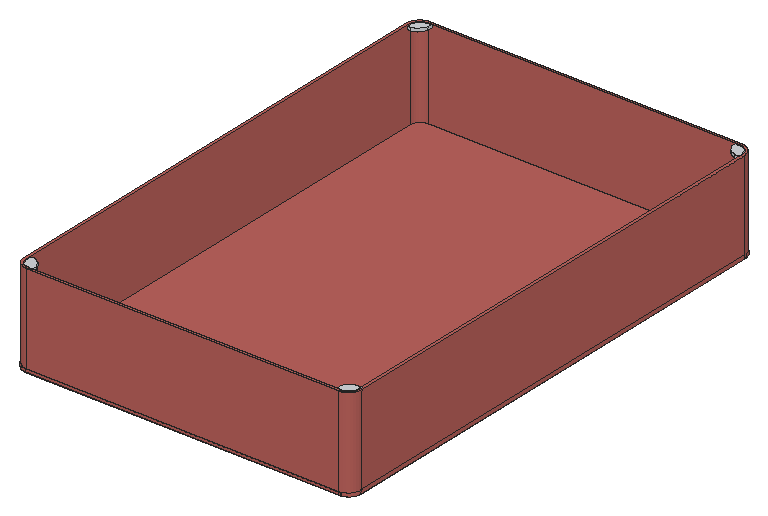
Revit family "Building-ElectricalVehicleCharging-GEWISS-JOINON-ICON_FLUSH-MOUNTING-BOX", category Apparecchi elettrici, host Superficie, Revit 2019
Family settings
  Host = Superficie
  Mantenere orientamento annotazione = Sì
  Quota connettore circolare = Usa diametro
  Tipo di parte = Normale
  Numero OmniClass = 23.80.30.14.24
  Titolo OmniClass = Junction Boxes
  Taglio con vuoti quando caricato = No
  Condiviso = No
  Punto di calcolo locali = Sì
Parameters (values of type "GWJ8101 - I-CON - FLUSH-MOUNTING BOX")
  Voltaggio = 0 V
  Version file RFA = "19.4"
  VISTA DI PIANTA [instance] = yes
  URL = "https://www.gewiss.com/ww/en"
  Technical sheet = "https://www.gewiss.com/ww/en/search?q=GWJ8101"
  Suitable for = "WallBox I-CON"
  SIMBOLO [instance] = yes
  Realized by GEWISS S.p.A. = ""
  Produttore = "GEWISS S.p.A."
  Modello = "GWJ8101"
  Immagine tipo = ICON_SCATOLA.jpg
  Tappo = GEWISS - BIANCO RAL 9016
  Scatola = ROSSO RAL 3000
  Default Elevation = 1219.2 mm
  Profondità = 75 mm
  Lunghezza = 273 mm
  Larghezza = 408 mm
  IDT = "52568c1f-1458-40a9-8f05-5bfcde2eb16d"
  IDF = "26342d6d-f6c6-4b16-880c-84c37078f428"
  Electrocod = "2242"
  EAN code = "8034035070815"
  Distanza orizzontale del simbolo [instance] = 329.446 mm
  Distanza dal muro [instance] = 4.208 mm
  Descrizione = "I-CON - FLUSH-MOUNTING BOX"
  Description: = "I-CON flush-mounting box"
  Classificazione = Other
  Catalogue = "E-MOBILITY"
  Carico apparente = 0 VA
  CORNICE SIMBOLO [instance] = yes
  COBie.Tagnumber = ""
  COBie.CreatedOn = ""
  COBie.CreatebBy = ""
  COBie.ComponentRegisterItemID = ""
  COBie.Component.TagNumber = ""
  COBie.Component.Space = ""
  COBie.Component.SerialNumber = ""
  COBie.Component.InstallationDate = ""
  COBie.Component.Description = ""
  COBie.Component.BarCode = ""
  Bordo = 4 mm
Reference planes
  plane 1 "Centro (Fronte/Retro)": y = 0
  plane 2: z = 0
  plane 3 "Centro (Sinistra/Destra)": x = 0
  plane 4: x = -136.5
  plane 5: y = -204
  plane 6: x = 136.5
  plane 7: y = 204
  plane 8: y = 201.823
  plane 9: x = 134.323
  plane 10: y = -201.823
  plane 11: x = -134.323
  plane 12: z = -75
  plane 13: y = 196
  plane 14: y = -196
  plane 15: x = -128.447
  plane 16: x = 128.447
  plane 17: x = -146.5
  plane 18: y = -214
  plane 19: x = 146.5
  plane 20: y = 214
  plane 21: z = 2
  plane 22: x = -329.446
  plane 23: z = -72.563
Forms (mm)
  Extrusion 1, void
    sketch origin (0, 0, 0) x (1, 0, 0) y (0, 1, 0)
      loop
        line (-136.5, 193.5) -> (-136.5, -193.5)
        arc (-136.5, -193.5) -> (-133.425, -200.925) -> (-126, -204) r 10.5
        line (-126, -204) -> (126, -204)
        arc (126, -204) -> (133.425, -200.925) -> (136.5, -193.5) r 10.5
        line (136.5, -193.5) -> (136.5, 193.5)
        arc (136.5, 193.5) -> (133.425, 200.925) -> (126, 204) r 10.5
        line (126, 204) -> (-126, 204)
        arc (-126, 204) -> (-133.425, 200.925) -> (-136.5, 193.5) r 10.5
    from -75 to 0
  Extrusion 2, solid, material "ROSSO RAL 3000" <- "Scatola"
    sketch origin (0, 0, 0) x (1, 0, 0) y (0, 1, 0)
      loop
        arc (-126, 204) -> (-133.425, 200.925) -> (-136.5, 193.5) r 10.5
        line (-136.5, 193.5) -> (-136.5, -193.5)
        arc (-136.5, -193.5) -> (-133.425, -200.925) -> (-126, -204) r 10.5
        line (-126, -204) -> (126, -204)
        arc (126, -204) -> (133.425, -200.925) -> (136.5, -193.5) r 10.5
        line (136.5, -193.5) -> (136.5, 193.5)
        arc (136.5, 193.5) -> (133.425, 200.925) -> (126, 204) r 10.5
        line (126, 204) -> (-126, 204)
      loop
        arc (-126, 201.823) -> (-131.886, 199.386) -> (-134.323, 193.5) r 8.323
        line (-134.323, 193.5) -> (-134.323, -193.5)
        arc (-134.323, -193.5) -> (-131.886, -199.386) -> (-126, -201.823) r 8.323
        line (-126, -201.823) -> (126, -201.823)
        arc (126, -201.823) -> (131.886, -199.386) -> (134.323, -193.5) r 8.323
        line (134.323, -193.5) -> (134.323, 193.5)
        arc (134.323, 193.5) -> (131.886, 199.386) -> (126, 201.823) r 8.323
        line (126, 201.823) -> (-126, 201.823)
    from -75 to 0
  Extrusion 3, solid
    sketch origin (0, 0, 0) x (1, 0, 0) y (0, 1, 0)
      loop
        line (-134.323, 190.384) -> (-131.092, 190.384)
        arc (-131.092, 190.384) -> (-126.164, 193.157) -> (-123.096, 197.907) r 11.782
        line (-123.096, 197.907) -> (-123.096, 201.823) -> (-126, 201.823)
        arc (-126, 201.823) -> (-131.886, 199.386) -> (-134.323, 193.5) r 8.323
        line (-134.323, 193.5) -> (-134.323, 190.384)
      loop
        line (134.323, 190.384) -> (134.323, 193.5)
        arc (134.323, 193.5) -> (131.886, 199.386) -> (126, 201.823) r 8.323
        line (126, 201.823) -> (123.096, 201.823) -> (123.096, 197.907)
        arc (123.096, 197.907) -> (126.164, 193.157) -> (131.092, 190.384) r 11.782
        line (131.092, 190.384) -> (134.323, 190.384)
      loop
        line (-134.323, -190.384) -> (-134.323, -193.5)
        arc (-134.323, -193.5) -> (-131.886, -199.386) -> (-126, -201.823) r 8.323
        line (-126, -201.823) -> (-123.096, -201.823) -> (-123.096, -197.907)
        arc (-123.096, -197.907) -> (-126.164, -193.157) -> (-131.092, -190.384) r 11.782
        line (-131.092, -190.384) -> (-134.323, -190.384)
      loop
        line (134.323, -190.384) -> (131.092, -190.384)
        arc (131.092, -190.384) -> (126.164, -193.157) -> (123.096, -197.907) r 11.782
        line (123.096, -197.907) -> (123.096, -201.823) -> (126, -201.823)
        arc (126, -201.823) -> (131.886, -199.386) -> (134.323, -193.5) r 8.323
        line (134.323, -193.5) -> (134.323, -190.384)
    from -2.208 to 0
  Extrusion 4, void
    sketch origin (0, 0, 0) x (1, 0, 0) y (0, 1, 0)
      loop
        circle (-128.447, 196) r 2.408
      loop
        circle (128.447, 196) r 2.408
      loop
        circle (-128.447, -196) r 2.408
      loop
        circle (128.447, -196) r 2.408
    from -2.208 to 2
  Extrusion 5, solid, material "ROSSO RAL 3000" <- "Scatola"
    sketch origin (0, 0, 0) x (1, 0, 0) y (0, 1, 0)
      loop
        line (126.5, 204) -> (-126.5, 204)
        arc (-126.5, 204) -> (-133.571, 201.071) -> (-136.5, 194) r 10
        line (-136.5, 194) -> (-136.5, -194)
        arc (-136.5, -194) -> (-133.571, -201.071) -> (-126.5, -204) r 10
        line (-126.5, -204) -> (126.5, -204)
        arc (126.5, -204) -> (133.571, -201.071) -> (136.5, -194) r 10
        line (136.5, -194) -> (136.5, 194)
        arc (136.5, 194) -> (133.571, 201.071) -> (126.5, 204) r 10
    from -75 to -72.563
Lines and regions (mm)
  Masking region 1, visible <- "VISTA DI PIANTA"
    outline origin (0, 0, 0) x (1, 0, 0) y (0, 0, 1)
      loop
        line (-136.5, -75) -> (136.5, -75) -> (136.5, 0) -> (-136.5, 0) -> (-136.5, -75)
  Masking region 2, visible <- "VISTA DI PIANTA"
    outline origin (0, 0, 0) x (1, 0, 0) y (0, 0, 1)
      loop
        line (-146.5, 0) -> (146.5, 0) -> (146.5, 2) -> (-146.5, 2) -> (-146.5, 0)
  Masking region 3
    outline origin (0, 0, 0) x (0, 1, 0) y (0, 0, 1)
      loop
        line (-204, -75) -> (204, -75) -> (204, 0) -> (-204, 0) -> (-204, -75)
  Masking region 4
    outline origin (0, 0, 0) x (0, 1, 0) y (0, 0, 1)
      loop
        line (-214, 0) -> (214, 0) -> (214, 2) -> (-214, 2) -> (-214, 0)
Dimensions and locks
  equal spacing: plane 7, plane 1 "Centro (Fronte/Retro)", plane 5
  equal spacing: plane 4, plane 3 "Centro (Sinistra/Destra)", plane 6
  "Lunghezza": plane 4 to plane 6
  "Larghezza": plane 7 to plane 5
  plane 4 to plane 11 = 2.177 mm  (x2)
  plane 9 to plane 6 = 2.177 mm  (x2)
  plane 10 to plane 5 = 2.177 mm
  plane 7 to plane 8 = 2.177 mm
  "Profondità": plane 2 to plane 12
  locked: plane 11 to plane 15 at 5.876
  locked: plane 7 to plane 13 at 8
  locked: plane 14 to plane 5 at 8
  locked: plane 16 to plane 6 at 8.053
  locked: plane 2 to Extrusion 3 at 2.208
  locked: plane 20 to plane 7 at 10
  locked: plane 17 to plane 4 at 10
  locked: plane 5 to plane 18 at 10
  locked: plane 6 to plane 19 at 10
  plane 21 to plane 2 = 2 mm
  "Distanza orizzontale del simbolo": plane 22 to plane 3 "Centro (Sinistra/Destra)"
  aligned and locked: plane 2 to host face
  aligned and locked: level to host face
  aligned and locked: Extrusion 1 sketch curve to plane 4
  aligned and locked: Extrusion 1 sketch curve to plane 7
  aligned and locked: Extrusion 1 sketch curve to plane 6
  aligned and locked: Extrusion 1 sketch curve to plane 5
  aligned and locked: Extrusion 1 to plane 12
  aligned and locked: plane 2 to Extrusion 1
  aligned and locked: Extrusion 2 sketch curve to plane 4
  aligned and locked: Extrusion 2 sketch curve to plane 11
  aligned and locked: Extrusion 2 sketch curve to plane 10
  aligned and locked: Extrusion 2 sketch curve to plane 5
  aligned and locked: Extrusion 2 sketch curve to plane 6
  aligned and locked: Extrusion 2 sketch curve to plane 9
  aligned and locked: Extrusion 2 sketch curve to plane 8
  aligned and locked: Extrusion 2 sketch curve to plane 7
  aligned and locked: Extrusion 2 to plane 12
  aligned and locked: plane 2 to Extrusion 2
  aligned and locked: plane 11 to Extrusion 3 sketch curve  (x2)
  aligned and locked: Extrusion 3 sketch curve to plane 8  (x2)
  aligned and locked: Extrusion 3 sketch curve to plane 10  (x2)
  aligned and locked: plane 9 to Extrusion 3 sketch curve  (x2)
  aligned and locked: plane 2 to Extrusion 3
  aligned and locked: plane 15 to Extrusion 4 sketch curve
  aligned and locked: plane 13 to Extrusion 4 sketch curve
  aligned and locked: Extrusion 4 sketch curve to plane 16
  aligned and locked: Extrusion 4 sketch curve to plane 13
  aligned and locked: plane 14 to Extrusion 4 sketch curve
  aligned and locked: plane 16 to Extrusion 4 sketch curve
  aligned and locked: Extrusion 4 sketch curve to plane 15
  aligned and locked: Extrusion 4 sketch curve to plane 14
  aligned and locked: Extrusion 3 to Extrusion 4
  aligned and locked: plane 21 to Extrusion 4
  aligned and locked: Masking region 1 sketch curve to Extrusion 2  (x4)
  aligned and locked: Masking region 3 sketch curve to Extrusion 2  (x4)
  aligned and locked: plane 3 "Centro (Sinistra/Destra)" to nested 1
  aligned and locked: plane 1 "Centro (Fronte/Retro)" to nested 1
  aligned and locked: Extrusion 5 sketch curve to nested 1  (x4)
  aligned and locked: Extrusion 5 to plane 12
  aligned and locked: plane 23 to Extrusion 5
Automatic sketch dimensions
  host sketch curve to host sketch curve = 2438.4 mm  (x2)
  Extrusion 1 sketch curve to Extrusion 1 sketch curve = 0 mm  (x3)
  plane 11 to Extrusion 1 sketch curve = 8.323 mm
  Extrusion 2 sketch curve to Extrusion 2 sketch curve = 0 mm  (x13)
  Extrusion 2 sketch curve to plane 9 = 0 mm
  plane 10 to Extrusion 2 sketch curve = 0 mm
  plane 5 to Extrusion 2 sketch curve = 10.5 mm  (x2)
  Extrusion 2 sketch curve to plane 7 = 10.5 mm  (x2)
  plane 4 to Extrusion 2 sketch curve = 10.5 mm
  plane 11 to Extrusion 2 sketch curve = 8.323 mm
  Extrusion 2 sketch curve to plane 6 = 10.5 mm
  plane 11 to Extrusion 2 sketch curve = 0 mm  (x2)
  plane 11 to Extrusion 3 sketch curve = 0.085 mm  (x2)
  Extrusion 3 sketch curve to plane 15 = 2.645 mm  (x2)
  plane 15 to Extrusion 3 sketch curve = 2.447 mm  (x2)
  Extrusion 3 sketch curve to Extrusion 3 sketch curve = 2.904 mm  (x2)
  plane 16 to Extrusion 3 sketch curve = 5.351 mm  (x2)
  plane 16 to Extrusion 3 sketch curve = 2.447 mm  (x2)
  Extrusion 3 sketch curve to plane 16 = 2.645 mm  (x2)
  Extrusion 3 sketch curve to plane 9 = 0.085 mm  (x2)
  plane 10 to Extrusion 3 sketch curve = 0.085 mm  (x2)
  plane 14 to Extrusion 3 sketch curve = 1.907 mm  (x2)
  Extrusion 3 sketch curve to plane 14 = 2.5 mm  (x2)
  Extrusion 3 sketch curve to plane 13 = 5.616 mm  (x2)
  Extrusion 3 sketch curve to plane 13 = 2.5 mm  (x2)
  plane 13 to Extrusion 3 sketch curve = 1.907 mm  (x2)
  plane 11 to Extrusion 3 sketch curve = 0 mm
  Extrusion 3 sketch curve to Extrusion 3 sketch curve = 0 mm  (x11)
  Masking region 2 sketch curve to plane 17 = 0 mm
  plane 19 to Masking region 2 sketch curve = 0 mm
  Masking region 2 sketch curve to level = 0 mm
  Masking region 2 sketch curve to plane 21 = 0 mm
  Masking region 4 sketch curve to plane 18 = 0 mm
  Masking region 4 sketch curve to plane 20 = 0 mm
  Masking region 4 sketch curve to level = 0 mm
  Masking region 4 sketch curve to plane 21 = 0 mm
  Extrusion 5 sketch curve to Extrusion 5 sketch curve = 0 mm
  radius of Extrusion 4 sketch curve = 2.408 mm  (x4)
Nested families
  nested 1: "2D - 48PTDIN CASSETTE DERIVAZIONE INCASSO" at (0, 0, 0), Larghezza <- "Larghezza", Lunghezza <- "Lunghezza", type "BIDIMENSIONALE"
    with Lunghezza 273 mm, Larghezza 408 mm
Connectors
  electrical at (0, 0, -75), driven by "Voltaggio", driven by "Classificazione", driven by "Carico apparente"
    settings: on host face, index 1, voltage 0 V, apparent load 0 VA, apparent load phase1 0 VA, apparent load phase2 0 VA, apparent load phase3 0 VA, power factor 1, load classification "Other", number of poles 1, system type 31, power factor state 1, is connector primary yes, connector utility no, sub classification motor no, connector description ""
Definition of nested family "2D - 48PTDIN CASSETTE DERIVAZIONE INCASSO"
  Parameters (values of type "BIDIMENSIONALE")
    Lunghezza [instance] = 240 mm
    Larghezza [instance] = 200 mm
  Reference planes
    plane 1 "Centro (Fronte/Retro)": y = 0
    plane 2: z = 0
    plane 3 "Centro (Sinistra/Destra)": x = 0
    plane 4: x = -120
    plane 5: x = 120
    plane 6: y = 100
    plane 7: y = -100
  Lines and regions (mm)
    detail lines, in view "Livello rif.", not visible
      curve 1: arc (-58.896, -2.752, 0) -> (-58.521, -2.777, 0) -> (-58.147, -2.752, 0) r 2.777
      curve 2: line (-58.896, 2.752, 0) -> (-58.896, 0.471, 0)
      curve 3: line (-58.896, 0.471, 0) -> (-60.229, 0.471, 0)
      curve 4: line (-60.229, 0.471, 0) -> (-60.229, -0.471, 0)
      curve 5: line (-58.147, 2.752, 0) -> (-58.147, 0.471, 0)
      curve 6: line (-58.147, 0.471, 0) -> (-56.814, 0.471, 0)
      curve 7: line (-58.147, -2.752, 0) -> (-58.147, -0.471, 0)
      curve 8: line (-58.147, -0.471, 0) -> (-56.814, -0.471, 0)
      curve 9: line (-58.896, -2.752, 0) -> (-58.896, -0.471, 0)
      curve 10: line (-58.896, -0.471, 0) -> (-60.229, -0.471, 0)
      curve 11: line (-56.814, 0.471, 0) -> (-56.814, -0.471, 0)
      curve 12: arc (-58.147, -2.752, 0) -> (-55.744, 0, 0) -> (-58.147, 2.752, 0) r 2.777
      curve 13: arc (-58.896, 2.752, 0) -> (-61.298, 0, 0) -> (-58.896, -2.752, 0) r 2.777
      curve 14: arc (-58.147, 2.752, 0) -> (-58.521, 2.777, 0) -> (-58.896, 2.752, 0) r 2.777
      curve 15: line (-52.546, 11.442, 0) -> (-49.625, 8.458, 0)
      curve 16: line (-50.324, 7.759, 0) -> (-52.991, 10.426, 0)
      curve 17: line (-52.991, 10.426, 0) -> (-52.546, 11.442, 0)
      curve 18: line (-37.306, 8.14, 0) -> (-36.607, 7.441, 0)
      curve 19: arc (-49.625, 8.458, 0) -> (-43.53, 5.801, 0) -> (-37.306, 8.14, 0) r 8.848
      curve 20: arc (-50.324, 7.759, 0) -> (-43.53, 4.813, 0) -> (-36.607, 7.441, 0) r 9.835
      curve 21: line (-39.92, 24.089, 0) -> (-36.936, 21.168, 0)
      curve 22: line (-36.237, 21.867, 0) -> (-38.904, 24.534, 0)
      curve 23: line (-38.904, 24.534, 0) -> (-39.92, 24.089, 0)
      curve 24: line (-36.618, 8.849, 0) -> (-35.919, 8.15, 0)
      curve 25: arc (-36.936, 21.168, 0) -> (-34.28, 15.073, 0) -> (-36.618, 8.849, 0) r 8.848
      curve 26: arc (-36.237, 21.867, 0) -> (-33.292, 15.073, 0) -> (-35.919, 8.15, 0) r 9.835
      curve 411: arc (-88, -219.002, 0) -> (-95.071, -221.931, 0) -> (-98, -229.002, 0) r 10
      curve 412: arc (98, -229.002, 0) -> (95.071, -221.931, 0) -> (88, -219.002, 0) r 10
      curve 413: arc (88, -371.002, 0) -> (95.071, -368.073, 0) -> (98, -361.002, 0) r 10
      curve 414: arc (-98, -361.002, 0) -> (-95.071, -368.073, 0) -> (-88, -371.002, 0) r 10
      curve 415: arc (86.883, -363.908, 0) -> (86.878, -366.121, 0) -> (89.09, -366.122, 0) r 1.563
      curve 416: arc (93.118, -362.095, 0) -> (93.122, -359.883, 0) -> (90.91, -359.881, 0) r 1.563
      curve 417: arc (-90.907, -359.884, 0) -> (-93.119, -359.88, 0) -> (-93.12, -362.092, 0) r 1.563
      curve 418: arc (-89.093, -366.119, 0) -> (-86.881, -366.124, 0) -> (-86.88, -363.912, 0) r 1.563
      curve 419: arc (90.907, -230.119, 0) -> (93.117, -230.125, 0) -> (93.123, -227.915, 0) r 1.563
      curve 420: arc (89.093, -223.884, 0) -> (86.883, -223.878, 0) -> (86.876, -226.088, 0) r 1.563
      curve 421: arc (-86.88, -226.092, 0) -> (-86.882, -223.878, 0) -> (-89.095, -223.886, 0) r 1.563
      curve 422: arc (-93.12, -227.912, 0) -> (-93.118, -230.125, 0) -> (-90.905, -230.117, 0) r 1.563
      curve 423: arc (87.998, -368.627, 0) -> (93.394, -366.392, 0) -> (95.629, -360.996, 0) r 7.631
      curve 424: arc (-95.624, -361.003, 0) -> (-93.392, -366.394, 0) -> (-88.001, -368.627, 0) r 7.624
      curve 425: arc (95.629, -228.995, 0) -> (93.396, -223.606, 0) -> (88.007, -221.373, 0) r 7.622
      curve 426: arc (-87.994, -221.373, 0) -> (-93.39, -223.608, 0) -> (-95.624, -229.004, 0) r 7.63
      curve 427: arc (90.462, -358.039, 0) -> (87.315, -360.317, 0) -> (85.037, -363.463, 0) r 12.282
      curve 428: arc (94.229, -357.078, 0) -> (93.406, -357.124, 0) -> (92.588, -357.226, 0) r 12.113
      curve 429: arc (84.225, -365.59, 0) -> (84.122, -366.409, 0) -> (84.076, -367.234, 0) r 12.113
      curve 430: arc (-85.037, -363.463, 0) -> (-87.315, -360.317, 0) -> (-90.462, -358.039, 0) r 12.282
      curve 431: arc (-92.588, -357.226, 0) -> (-93.406, -357.124, 0) -> (-94.229, -357.078, 0) r 12.113
      curve 432: arc (-84.076, -367.235, 0) -> (-84.122, -366.41, 0) -> (-84.225, -365.59, 0) r 12.113
      curve 433: arc (85.037, -226.54, 0) -> (87.315, -229.686, 0) -> (90.462, -231.964, 0) r 12.282
      curve 434: arc (92.588, -232.777, 0) -> (93.406, -232.879, 0) -> (94.229, -232.925, 0) r 12.113
      curve 435: arc (84.076, -222.769, 0) -> (84.122, -223.594, 0) -> (84.225, -224.414, 0) r 12.113
      curve 436: arc (-90.462, -231.964, 0) -> (-87.315, -229.686, 0) -> (-85.037, -226.54, 0) r 12.282
      curve 437: arc (-94.229, -232.925, 0) -> (-93.406, -232.879, 0) -> (-92.588, -232.777, 0) r 12.113
      curve 438: arc (-84.225, -224.413, 0) -> (-84.122, -223.594, 0) -> (-84.076, -222.769, 0) r 12.113
      curve 439: arc (84.425, -364.963, 0) -> (84.32, -365.275, 0) -> (84.225, -365.59, 0) r 12.26
      curve 440: arc (84.225, -224.414, 0) -> (84.32, -224.728, 0) -> (84.425, -225.04, 0) r 12.26
      curve 441: arc (-84.225, -365.59, 0) -> (-84.32, -365.275, 0) -> (-84.425, -364.963, 0) r 12.26
      curve 442: arc (-84.425, -225.04, 0) -> (-84.32, -224.728, 0) -> (-84.225, -224.413, 0) r 12.26
      curve 443: arc (84.076, -367.234, 0) -> (84.003, -367.833, 0) -> (83.959, -368.434, 0) r 12.054
      curve 444: arc (-83.959, -368.434, 0) -> (-84.003, -367.833, 0) -> (-84.076, -367.235, 0) r 12.054
      curve 445: arc (94.229, -232.925, 0) -> (94.828, -232.999, 0) -> (95.43, -233.043, 0) r 12.055
      curve 446: arc (91.962, -232.577, 0) -> (92.274, -232.681, 0) -> (92.588, -232.777, 0) r 12.26
      curve 447: arc (92.588, -357.226, 0) -> (92.274, -357.322, 0) -> (91.962, -357.426, 0) r 12.26
      curve 448: arc (95.43, -356.961, 0) -> (94.828, -357.004, 0) -> (94.229, -357.078, 0) r 12.055
      curve 449: arc (-95.43, -233.043, 0) -> (-94.828, -232.999, 0) -> (-94.229, -232.925, 0) r 12.055
      curve 450: arc (-91.962, -357.426, 0) -> (-92.274, -357.322, 0) -> (-92.588, -357.226, 0) r 12.26
      curve 451: arc (-92.588, -232.777, 0) -> (-92.274, -232.681, 0) -> (-91.962, -232.577, 0) r 12.26
      curve 452: arc (-94.229, -357.078, 0) -> (-94.828, -357.004, 0) -> (-95.43, -356.961, 0) r 12.055
      curve 453: arc (83.959, -221.569, 0) -> (84.003, -222.171, 0) -> (84.076, -222.769, 0) r 12.054
      curve 454: arc (-84.076, -222.769, 0) -> (-84.003, -222.171, 0) -> (-83.959, -221.569, 0) r 12.054
      curve 455: line (87.5, -241.002, 0) -> (87.5, -249.624, 0)
      curve 456: line (-98, -361.002, 0) -> (-98, -229.002, 0)
      curve 457: line (-88, -219.002, 0) -> (88, -219.002, 0)
      curve 458: line (89.09, -366.122, 0) -> (93.118, -362.095, 0)
      curve 459: line (86.883, -363.908, 0) -> (90.91, -359.881, 0)
      curve 542: line (-86.88, -363.912, 0) -> (-90.907, -359.884, 0)
      curve 543: line (-89.093, -366.119, 0) -> (-93.12, -362.092, 0)
      curve 544: line (86.876, -226.088, 0) -> (90.907, -230.119, 0)
      curve 545: line (89.093, -223.884, 0) -> (93.123, -227.915, 0)
      curve 546: line (-89.095, -223.886, 0) -> (-93.12, -227.912, 0)
      curve 547: line (-86.88, -226.092, 0) -> (-90.905, -230.117, 0)
      curve 548: line (95.629, -360.996, 0) -> (95.629, -228.995, 0)
      curve 549: line (88.007, -221.373, 0) -> (-87.994, -221.373, 0)
      curve 550: line (-95.624, -361.003, 0) -> (-95.624, -229.004, 0)
      curve 551: line (87.998, -368.627, 0) -> (-88.001, -368.627, 0)
      curve 552: line (23.15, -226.54, 0) -> (62.05, -226.54, 0)
      curve 553: line (90.462, -255.352, 0) -> (90.462, -294.252, 0)
      curve 554: line (90.462, -295.752, 0) -> (90.462, -334.652, 0)
      curve 555: line (23.15, -363.463, 0) -> (62.05, -363.463, 0)
      curve 556: line (-62.05, -363.463, 0) -> (-23.15, -363.463, 0)
      curve 557: line (-90.462, -295.752, 0) -> (-90.462, -334.652, 0)
      curve 558: line (-90.462, -255.352, 0) -> (-90.462, -294.252, 0)
      curve 559: line (-62.05, -226.54, 0) -> (-23.15, -226.54, 0)
      curve 560: line (90.462, -336.152, 0) -> (90.462, -358.039, 0)
      curve 561: line (90.462, -358.039, 0) -> (90.959, -357.802, 0)
      curve 562: line (90.959, -357.802, 0) -> (90.462, -358.039, 0)
      curve 563: line (63.55, -363.463, 0) -> (85.037, -363.463, 0)
      curve 564: line (85.037, -363.463, 0) -> (84.8, -363.96, 0)
      curve 565: line (84.8, -363.96, 0) -> (85.037, -363.463, 0)
      curve 566: line (-85.037, -363.463, 0) -> (-84.8, -363.96, 0)
      curve 567: line (-84.8, -363.96, 0) -> (-85.037, -363.463, 0)
      curve 568: line (-85.037, -363.463, 0) -> (-63.55, -363.463, 0)
      curve 569: line (-90.462, -336.152, 0) -> (-90.462, -358.039, 0)
      curve 570: line (-90.462, -358.039, 0) -> (-90.959, -357.802, 0)
      curve 571: line (-90.959, -357.802, 0) -> (-90.462, -358.039, 0)
      curve 572: line (63.55, -226.54, 0) -> (85.037, -226.54, 0)
      curve 573: line (85.037, -226.54, 0) -> (84.8, -226.043, 0)
      curve 574: line (84.8, -226.043, 0) -> (85.037, -226.54, 0)
      curve 575: line (90.462, -231.964, 0) -> (90.959, -232.201, 0)
      curve 576: line (90.959, -232.201, 0) -> (90.462, -231.964, 0)
      curve 577: line (90.462, -231.964, 0) -> (90.462, -253.852, 0)
      curve 578: line (-90.462, -231.964, 0) -> (-90.959, -232.201, 0)
      curve 579: line (-90.959, -232.201, 0) -> (-90.462, -231.964, 0)
      curve 580: line (-90.462, -231.964, 0) -> (-90.462, -253.852, 0)
      curve 581: line (-85.037, -226.54, 0) -> (-84.8, -226.043, 0)
      curve 582: line (-84.8, -226.043, 0) -> (-85.037, -226.54, 0)
      curve 583: line (-85.037, -226.54, 0) -> (-63.55, -226.54, 0)
      curve 584: line (1.2, -363.463, 0) -> (21.65, -363.463, 0)
      curve 585: line (1.2, -226.54, 0) -> (21.65, -226.54, 0)
      curve 586: line (-21.65, -363.463, 0) -> (-1.2, -363.463, 0)
      curve 587: line (-21.65, -226.54, 0) -> (-1.2, -226.54, 0)
      curve 588: line (84.408, -225.042, 0) -> (84.476, -225.241, 0)
      curve 589: line (84.476, -225.241, 0) -> (84.41, -225.048, 0)
      curve 590: line (84.476, -225.241, 0) -> (84.8, -226.043, 0)
      curve 591: line (84.8, -226.043, 0) -> (84.476, -225.241, 0)
      curve 592: line (1.2, -230.002, 0) -> (11.368, -230.002, 0)
      curve 593: line (11.368, -230.002, 0) -> (21.65, -230.002, 0)
      curve 594: line (21.65, -230.002, 0) -> (21.65, -225.07, 0)
      curve 595: line (21.65, -225.07, 0) -> (23.15, -225.07, 0)
      curve 596: line (23.15, -225.07, 0) -> (23.15, -230.002, 0)
      curve 597: line (23.15, -230.002, 0) -> (62.05, -230.002, 0)
      curve 598: line (62.05, -230.002, 0) -> (62.05, -225.07, 0)
      curve 599: line (62.05, -225.07, 0) -> (63.55, -225.07, 0)
      curve 600: line (63.55, -225.07, 0) -> (63.55, -230.002, 0)
      curve 601: line (63.55, -230.002, 0) -> (77.5, -230.002, 0)
      curve 602: line (77.5, -230.002, 0) -> (87.5, -240.002, 0)
      curve 603: line (87.5, -240.002, 0) -> (87.5, -253.852, 0)
      curve 604: line (87.5, -253.852, 0) -> (91.932, -253.852, 0)
      curve 605: line (91.932, -253.852, 0) -> (91.932, -255.352, 0)
      curve 606: line (91.932, -255.352, 0) -> (87.5, -255.352, 0)
      curve 607: line (87.5, -255.352, 0) -> (87.5, -294.252, 0)
      curve 608: line (87.5, -294.252, 0) -> (91.932, -294.252, 0)
      curve 609: line (91.932, -294.252, 0) -> (91.932, -295.002, 0)
      curve 610: line (91.932, -295.002, 0) -> (91.932, -295.752, 0)
      curve 611: line (91.932, -295.752, 0) -> (87.5, -295.752, 0)
      curve 612: line (87.5, -295.752, 0) -> (87.5, -334.652, 0)
      curve 613: line (87.5, -334.652, 0) -> (91.932, -334.652, 0)
      curve 614: line (91.932, -334.652, 0) -> (91.932, -336.152, 0)
      curve 615: line (91.932, -336.152, 0) -> (87.5, -336.152, 0)
      curve 616: line (87.5, -336.152, 0) -> (87.5, -350.002, 0)
      curve 617: line (87.5, -350.002, 0) -> (77.5, -360.002, 0)
      curve 618: line (77.5, -360.002, 0) -> (63.55, -360.002, 0)
      curve 619: line (63.55, -360.002, 0) -> (63.55, -364.933, 0)
      curve 620: line (91.959, -232.594, 0) -> (91.76, -232.525, 0)
      curve 621: line (91.76, -232.525, 0) -> (91.954, -232.592, 0)
      curve 622: line (91.76, -232.525, 0) -> (90.959, -232.201, 0)
      curve 623: line (90.959, -232.201, 0) -> (91.76, -232.525, 0)
      curve 624: line (91.959, -357.41, 0) -> (91.76, -357.478, 0)
      curve 625: line (91.76, -357.478, 0) -> (91.954, -357.411, 0)
      curve 626: line (91.76, -357.478, 0) -> (90.959, -357.802, 0)
      curve 627: line (90.959, -357.802, 0) -> (91.76, -357.478, 0)
      curve 628: line (1.2, -360.002, 0) -> (11.368, -360.002, 0)
      curve 629: line (11.368, -360.002, 0) -> (21.65, -360.002, 0)
      curve 630: line (21.65, -360.002, 0) -> (21.65, -364.933, 0)
      curve 631: line (21.65, -364.933, 0) -> (23.15, -364.933, 0)
      curve 632: line (23.15, -364.933, 0) -> (23.15, -360.002, 0)
      curve 633: line (23.15, -360.002, 0) -> (62.05, -360.002, 0)
      curve 634: line (62.05, -360.002, 0) -> (62.05, -364.933, 0)
      curve 635: line (62.05, -364.933, 0) -> (63.55, -364.933, 0)
      curve 636: line (84.408, -364.961, 0) -> (84.476, -364.762, 0)
      curve 637: line (84.476, -364.762, 0) -> (84.41, -364.955, 0)
      curve 638: line (84.476, -364.762, 0) -> (84.8, -363.96, 0)
      curve 639: line (84.8, -363.96, 0) -> (84.476, -364.762, 0)
      curve 640: line (-1.2, -360.002, 0) -> (-11.368, -360.002, 0)
      curve 641: line (-11.368, -360.002, 0) -> (-21.65, -360.002, 0)
      curve 642: line (-21.65, -360.002, 0) -> (-21.65, -364.933, 0)
      curve 643: line (-21.65, -364.933, 0) -> (-23.15, -364.933, 0)
      curve 644: line (-23.15, -364.933, 0) -> (-23.15, -360.002, 0)
      curve 645: line (-23.15, -360.002, 0) -> (-62.05, -360.002, 0)
      curve 646: line (-62.05, -360.002, 0) -> (-62.05, -364.933, 0)
      curve 647: line (-62.05, -364.933, 0) -> (-63.55, -364.933, 0)
      curve 648: line (-63.55, -364.933, 0) -> (-63.55, -360.002, 0)
      curve 649: line (-63.55, -360.002, 0) -> (-77.5, -360.002, 0)
      curve 650: line (-77.5, -360.002, 0) -> (-87.5, -350.002, 0)
      curve 651: line (-87.5, -350.002, 0) -> (-87.5, -336.152, 0)
      curve 652: line (-87.5, -336.152, 0) -> (-91.932, -336.152, 0)
      curve 653: line (-84.41, -364.955, 0) -> (-84.476, -364.762, 0)
      curve 654: line (-84.476, -364.762, 0) -> (-84.408, -364.961, 0)
      curve 655: line (-84.476, -364.762, 0) -> (-84.8, -363.96, 0)
      curve 656: line (-84.8, -363.96, 0) -> (-84.476, -364.762, 0)
      curve 657: line (-91.932, -336.152, 0) -> (-91.932, -334.652, 0)
      curve 658: line (-91.932, -334.652, 0) -> (-87.5, -334.652, 0)
      curve 659: line (-87.5, -334.652, 0) -> (-87.5, -295.752, 0)
      curve 660: line (-87.5, -295.752, 0) -> (-91.932, -295.752, 0)
      curve 661: line (-91.959, -357.41, 0) -> (-91.76, -357.478, 0)
      curve 662: line (-91.76, -357.478, 0) -> (-91.954, -357.411, 0)
      curve 663: line (-91.76, -357.478, 0) -> (-90.959, -357.802, 0)
      curve 664: line (-90.959, -357.802, 0) -> (-91.76, -357.478, 0)
      curve 665: line (-91.959, -232.594, 0) -> (-91.76, -232.525, 0)
      curve 666: line (-91.76, -232.525, 0) -> (-91.954, -232.592, 0)
      curve 667: line (-91.76, -232.525, 0) -> (-90.959, -232.201, 0)
      curve 668: line (-90.959, -232.201, 0) -> (-91.76, -232.525, 0)
      curve 669: line (-91.932, -295.752, 0) -> (-91.932, -295.002, 0)
      curve 670: line (-91.932, -295.002, 0) -> (-91.932, -294.252, 0)
      curve 671: line (-91.932, -294.252, 0) -> (-87.5, -294.252, 0)
      curve 672: line (-87.5, -294.252, 0) -> (-87.5, -255.352, 0)
      curve 673: line (-87.5, -255.352, 0) -> (-91.932, -255.352, 0)
      curve 674: line (-91.932, -255.352, 0) -> (-91.932, -253.852, 0)
      curve 675: line (-91.932, -253.852, 0) -> (-87.5, -253.852, 0)
      curve 676: line (-87.5, -253.852, 0) -> (-87.5, -240.002, 0)
      curve 677: line (-87.5, -240.002, 0) -> (-77.5, -230.002, 0)
      curve 678: line (-77.5, -230.002, 0) -> (-63.55, -230.002, 0)
      curve 679: line (-63.55, -230.002, 0) -> (-63.55, -225.07, 0)
      curve 680: line (-63.55, -225.07, 0) -> (-62.05, -225.07, 0)
      curve 681: line (-62.05, -225.07, 0) -> (-62.05, -230.002, 0)
      curve 682: line (-62.05, -230.002, 0) -> (-23.15, -230.002, 0)
      curve 683: line (-23.15, -230.002, 0) -> (-23.15, -225.07, 0)
      curve 684: line (-23.15, -225.07, 0) -> (-21.65, -225.07, 0)
      curve 685: line (-21.65, -225.07, 0) -> (-21.65, -230.002, 0)
      curve 686: line (-21.65, -230.002, 0) -> (-11.368, -230.002, 0)
      curve 687: line (-11.368, -230.002, 0) -> (-1.2, -230.002, 0)
      curve 688: line (-84.408, -225.042, 0) -> (-84.476, -225.241, 0)
      curve 689: line (-84.476, -225.241, 0) -> (-84.41, -225.048, 0)
      curve 690: line (-84.476, -225.241, 0) -> (-84.8, -226.043, 0)
      curve 691: line (-84.8, -226.043, 0) -> (-84.476, -225.241, 0)
      curve 692: line (1.2, -368.589, 0) -> (1.2, -358.502, 0)
      curve 693: line (1.2, -358.502, 0) -> (11.368, -358.502, 0)
      curve 694: line (11.368, -358.502, 0) -> (76.879, -358.502, 0)
      curve 695: line (76.879, -358.502, 0) -> (86, -349.38, 0)
      curve 696: line (86, -349.38, 0) -> (86, -240.557, 0)
      curve 697: line (86, -240.557, 0) -> (76.945, -231.502, 0)
      curve 698: line (76.945, -231.502, 0) -> (11.368, -231.502, 0)
      curve 699: line (11.368, -231.502, 0) -> (1.2, -231.502, 0)
      curve 700: line (1.2, -231.502, 0) -> (1.2, -221.414, 0)
      curve 701: line (-1.2, -368.589, 0) -> (-1.2, -358.502, 0)
      curve 702: line (-1.2, -358.502, 0) -> (-11.368, -358.502, 0)
      curve 703: line (-11.368, -358.502, 0) -> (-76.945, -358.502, 0)
      curve 704: line (-76.945, -358.502, 0) -> (-86, -349.447, 0)
      curve 705: line (-86, -349.447, 0) -> (-86, -240.557, 0)
      curve 706: line (-86, -240.557, 0) -> (-76.945, -231.502, 0)
      curve 707: line (-76.945, -231.502, 0) -> (-11.368, -231.502, 0)
      curve 708: line (-11.368, -231.502, 0) -> (-1.2, -231.502, 0)
      curve 709: line (-1.2, -231.502, 0) -> (-1.2, -221.414, 0)
      curve 710: line (-88, -371.002, 0) -> (88, -371.002, 0)
      curve 711: line (98, -361.002, 0) -> (98, -229.002, 0)
      curve 712: line (0, -221.373, 0) -> (0, -368.627, 0)
    detail lines, in view "Livello rif."
      curve 27: arc (-110, 100, 0) -> (-117.071, 97.071, 0) -> (-120, 90, 0) r 10
      curve 28: arc (120, 90, 0) -> (117.071, 97.071, 0) -> (110, 100, 0) r 10
      curve 29: arc (110, -100, 0) -> (117.071, -97.071, 0) -> (120, -90, 0) r 10
      curve 30: arc (-120, -90, 0) -> (-117.071, -97.071, 0) -> (-110, -100, 0) r 10
      curve 39: arc (109.998, -97.625, 0) -> (115.394, -95.39, 0) -> (117.629, -89.994, 0) r 7.631
      curve 40: arc (-117.624, -90.001, 0) -> (-115.392, -95.392, 0) -> (-110.001, -97.625, 0) r 7.624
      curve 41: arc (117.629, 90.006, 0) -> (115.396, 95.396, 0) -> (110.007, 97.628, 0) r 7.622
      curve 42: arc (-109.994, 97.628, 0) -> (-115.39, 95.393, 0) -> (-117.624, 89.998, 0) r 7.63
      curve 72: line (-120, -90, 0) -> (-120, 90, 0)
      curve 73: line (-110, 100, 0) -> (110, 100, 0)
      curve 164: line (117.629, -89.994, 0) -> (117.629, 90.006, 0)
      curve 165: line (110.007, 97.628, 0) -> (-109.994, 97.628, 0)
      curve 166: line (-117.624, -90.001, 0) -> (-117.624, 89.998, 0)
      curve 167: line (109.998, -97.625, 0) -> (-110.001, -97.625, 0)
      curve 326: line (-110, -100, 0) -> (110, -100, 0)
      curve 327: line (120, -90, 0) -> (120, 90, 0)
    detail lines, in view "Livello rif.", detail levels medium+fine
      curve 31: arc (108.883, -92.907, 0) -> (108.878, -95.119, 0) -> (111.09, -95.121, 0) r 1.563
      curve 32: arc (115.118, -91.093, 0) -> (115.122, -88.881, 0) -> (112.91, -88.879, 0) r 1.563
      curve 33: arc (-112.907, -88.882, 0) -> (-115.119, -88.878, 0) -> (-115.12, -91.09, 0) r 1.563
      curve 34: arc (-111.093, -95.117, 0) -> (-108.881, -95.122, 0) -> (-108.88, -92.91, 0) r 1.563
      curve 35: arc (112.907, 88.883, 0) -> (115.117, 88.876, 0) -> (115.123, 91.087, 0) r 1.563
      curve 36: arc (111.093, 95.118, 0) -> (108.883, 95.124, 0) -> (108.876, 92.913, 0) r 1.563
      curve 37: arc (-108.88, 92.91, 0) -> (-108.882, 95.123, 0) -> (-111.095, 95.115, 0) r 1.563
      curve 38: arc (-115.12, 91.09, 0) -> (-115.118, 88.877, 0) -> (-112.905, 88.885, 0) r 1.563
      curve 43: arc (112.462, -87.037, 0) -> (109.315, -89.315, 0) -> (107.037, -92.462, 0) r 12.282
      curve 44: arc (116.229, -86.076, 0) -> (115.406, -86.123, 0) -> (114.588, -86.225, 0) r 12.113
      curve 45: arc (106.225, -94.588, 0) -> (106.122, -95.408, 0) -> (106.076, -96.233, 0) r 12.113
      curve 46: arc (-107.037, -92.462, 0) -> (-109.315, -89.315, 0) -> (-112.462, -87.037, 0) r 12.282
      curve 47: arc (-114.588, -86.225, 0) -> (-115.406, -86.123, 0) -> (-116.229, -86.076, 0) r 12.113
      curve 48: arc (-106.076, -96.233, 0) -> (-106.122, -95.408, 0) -> (-106.225, -94.588, 0) r 12.113
      curve 49: arc (107.037, 92.462, 0) -> (109.315, 89.315, 0) -> (112.462, 87.037, 0) r 12.282
      curve 50: arc (114.588, 86.225, 0) -> (115.406, 86.123, 0) -> (116.229, 86.076, 0) r 12.113
      curve 51: arc (106.076, 96.233, 0) -> (106.122, 95.408, 0) -> (106.225, 94.588, 0) r 12.113
      curve 52: arc (-112.462, 87.037, 0) -> (-109.315, 89.315, 0) -> (-107.037, 92.462, 0) r 12.282
      curve 53: arc (-116.229, 86.076, 0) -> (-115.406, 86.123, 0) -> (-114.588, 86.225, 0) r 12.113
      curve 54: arc (-106.225, 94.588, 0) -> (-106.122, 95.408, 0) -> (-106.076, 96.233, 0) r 12.113
      curve 55: arc (106.425, -93.962, 0) -> (106.32, -94.274, 0) -> (106.225, -94.588, 0) r 12.26
      curve 56: arc (106.225, 94.588, 0) -> (106.32, 94.274, 0) -> (106.425, 93.962, 0) r 12.26
      curve 57: arc (-106.225, -94.588, 0) -> (-106.32, -94.274, 0) -> (-106.425, -93.962, 0) r 12.26
      curve 58: arc (-106.425, 93.962, 0) -> (-106.32, 94.274, 0) -> (-106.225, 94.588, 0) r 12.26
      curve 59: arc (106.076, -96.233, 0) -> (106.003, -96.831, 0) -> (105.959, -97.432, 0) r 12.054
      curve 60: arc (-105.959, -97.432, 0) -> (-106.003, -96.831, 0) -> (-106.076, -96.233, 0) r 12.054
      curve 61: arc (116.229, 86.076, 0) -> (116.828, 86.003, 0) -> (117.43, 85.959, 0) r 12.055
      curve 62: arc (113.962, 86.425, 0) -> (114.274, 86.32, 0) -> (114.588, 86.225, 0) r 12.26
      curve 63: arc (114.588, -86.225, 0) -> (114.274, -86.32, 0) -> (113.962, -86.425, 0) r 12.26
      curve 64: arc (117.43, -85.959, 0) -> (116.828, -86.003, 0) -> (116.229, -86.076, 0) r 12.055
      curve 65: arc (-117.43, 85.959, 0) -> (-116.828, 86.003, 0) -> (-116.229, 86.076, 0) r 12.055
      curve 66: arc (-113.962, -86.425, 0) -> (-114.274, -86.32, 0) -> (-114.588, -86.225, 0) r 12.26
      curve 67: arc (-114.588, 86.225, 0) -> (-114.274, 86.32, 0) -> (-113.962, 86.425, 0) r 12.26
      curve 68: arc (-116.229, -86.076, 0) -> (-116.828, -86.003, 0) -> (-117.43, -85.959, 0) r 12.055
      curve 69: arc (105.959, 97.432, 0) -> (106.003, 96.831, 0) -> (106.076, 96.233, 0) r 12.054
      curve 70: arc (-106.076, 96.233, 0) -> (-106.003, 96.831, 0) -> (-105.959, 97.432, 0) r 12.054
      curve 71: line (109.5, 78, 0) -> (109.5, 69.377, 0)
      curve 74: line (111.09, -95.12, 0) -> (115.118, -91.093, 0)
      curve 75: line (108.883, -92.907, 0) -> (112.91, -88.88, 0)
      curve 76: line (-43.237, 82.381, 0) -> (-43.237, 72.899, 0)
      curve 77: line (-43.237, 72.899, 0) -> (-37.311, 72.899, 0)
      curve 78: line (-37.311, 72.899, 0) -> (-37.311, 71.592, 0)
      curve 79: line (-37.311, 71.592, 0) -> (-43.237, 71.592, 0)
      curve 80: line (-43.237, 71.592, 0) -> (-43.237, 67.505, 0)
      curve 81: line (-43.237, 67.505, 0) -> (-39.559, 67.505, 0)
      curve 82: line (-39.559, 67.505, 0) -> (-36.906, 67.994, 0)
      curve 83: line (-36.906, 67.994, 0) -> (-34.602, 69.397, 0)
      curve 84: line (-34.602, 69.397, 0) -> (-32.95, 71.53, 0)
      curve 85: line (-32.95, 71.53, 0) -> (-32.168, 74.111, 0)
      curve 86: line (-32.168, 74.111, 0) -> (-32.37, 76.986, 0)
      curve 87: line (-32.37, 76.986, 0) -> (-39.15, 76.986, 0)
      curve 88: line (-39.15, 76.986, 0) -> (-39.15, 78.294, 0)
      curve 89: line (-39.15, 78.294, 0) -> (-33.33, 78.294, 0)
      curve 90: line (-33.33, 78.294, 0) -> (-33.172, 78.351, 0)
      curve 91: line (-33.172, 78.351, 0) -> (-33.088, 78.497, 0)
      curve 92: line (-33.088, 78.497, 0) -> (-33.118, 78.662, 0)
      curve 93: line (-33.118, 78.662, 0) -> (-34.778, 80.641, 0)
      curve 94: line (-34.778, 80.641, 0) -> (-37.015, 81.932, 0)
      curve 95: line (-37.015, 81.932, 0) -> (-39.559, 82.381, 0)
      curve 96: line (-39.559, 82.381, 0) -> (-43.237, 82.381, 0)
      curve 97: line (-48.632, 72.899, 0) -> (-56.07, 72.899, 0)
      curve 98: line (-56.07, 72.899, 0) -> (-56.07, 82.381, 0)
      curve 99: line (-56.07, 82.381, 0) -> (-44.545, 82.381, 0)
      curve 100: line (-44.545, 82.381, 0) -> (-44.545, 78.294, 0)
      curve 101: line (-44.545, 78.294, 0) -> (-51.983, 78.294, 0)
      curve 102: line (-51.983, 78.294, 0) -> (-51.983, 76.986, 0)
      curve 103: line (-51.983, 76.986, 0) -> (-44.545, 76.986, 0)
      curve 104: line (-44.545, 76.986, 0) -> (-44.545, 67.505, 0)
      curve 105: line (-44.545, 67.505, 0) -> (-56.07, 67.505, 0)
      curve 106: line (-56.07, 67.505, 0) -> (-56.07, 71.592, 0)
      curve 107: line (-56.07, 71.592, 0) -> (-48.632, 71.592, 0)
      curve 108: line (-48.632, 71.592, 0) -> (-48.632, 72.899, 0)
      curve 109: line (-57.378, 67.505, 0) -> (-57.378, 76.986, 0)
      curve 110: line (-57.378, 76.986, 0) -> (-61.465, 76.986, 0)
      curve 111: line (-61.465, 76.986, 0) -> (-61.465, 67.505, 0)
      curve 112: line (-61.465, 67.505, 0) -> (-57.378, 67.505, 0)
      curve 113: line (-82.43, 82.381, 0) -> (-82.43, 78.294, 0)
      curve 114: line (-82.43, 78.294, 0) -> (-77.812, 78.294, 0)
      curve 115: line (-77.812, 78.294, 0) -> (-75.196, 67.505, 0)
      curve 116: line (-75.196, 67.505, 0) -> (-71.109, 67.505, 0)
      curve 117: line (-71.109, 67.505, 0) -> (-69.904, 73.635, 0)
      curve 118: line (-69.904, 73.635, 0) -> (-68.698, 67.505, 0)
      curve 119: line (-68.698, 67.505, 0) -> (-64.611, 67.505, 0)
      curve 120: line (-64.611, 67.505, 0) -> (-62.2, 78.294, 0)
      curve 121: line (-62.2, 78.294, 0) -> (-57.378, 78.294, 0)
      curve 122: line (-57.378, 78.294, 0) -> (-57.378, 82.381, 0)
      curve 123: line (-57.378, 82.381, 0) -> (-65.347, 82.381, 0)
      curve 124: line (-65.347, 82.381, 0) -> (-66.818, 76.087, 0)
      curve 125: line (-66.818, 76.087, 0) -> (-67.84, 82.381, 0)
      curve 126: line (-67.84, 82.381, 0) -> (-72.09, 82.381, 0)
      curve 127: line (-72.09, 82.381, 0) -> (-73.112, 76.087, 0)
      curve 128: line (-73.112, 76.087, 0) -> (-74.583, 82.381, 0)
      curve 129: line (-74.583, 82.381, 0) -> (-82.43, 82.381, 0)
      curve 130: line (-89.868, 67.505, 0) -> (-89.868, 82.381, 0)
      curve 131: line (-89.868, 82.381, 0) -> (-83.738, 82.381, 0)
      curve 132: line (-83.738, 82.381, 0) -> (-83.738, 78.294, 0)
      curve 133: line (-83.738, 78.294, 0) -> (-85.781, 78.294, 0)
      curve 134: line (-85.781, 78.294, 0) -> (-85.781, 76.986, 0)
      curve 135: line (-85.781, 76.986, 0) -> (-78.343, 76.986, 0)
      curve 136: line (-78.343, 76.986, 0) -> (-78.343, 72.899, 0)
      curve 137: line (-78.343, 72.899, 0) -> (-85.781, 72.899, 0)
      curve 138: line (-85.781, 72.899, 0) -> (-85.781, 71.592, 0)
      curve 139: line (-85.781, 71.592, 0) -> (-78.343, 71.592, 0)
      curve 140: line (-78.343, 71.592, 0) -> (-78.343, 67.505, 0)
      curve 141: line (-78.343, 67.505, 0) -> (-89.868, 67.505, 0)
      curve 142: line (-95.263, 71.592, 0) -> (-95.263, 76.986, 0)
      curve 143: line (-95.263, 76.986, 0) -> (-91.176, 76.986, 0)
      curve 144: line (-91.176, 76.986, 0) -> (-91.176, 67.505, 0)
      curve 145: line (-91.176, 67.505, 0) -> (-94.854, 67.505, 0)
      curve 146: line (-94.854, 67.505, 0) -> (-98.081, 68.241, 0)
      curve 147: line (-98.081, 68.241, 0) -> (-100.669, 70.305, 0)
      curve 148: line (-100.669, 70.305, 0) -> (-102.106, 73.288, 0)
      curve 149: line (-102.106, 73.288, 0) -> (-102.106, 76.598, 0)
      curve 150: line (-102.106, 76.598, 0) -> (-100.669, 79.58, 0)
      curve 151: line (-100.669, 79.58, 0) -> (-98.081, 81.644, 0)
      curve 152: line (-98.081, 81.644, 0) -> (-94.854, 82.381, 0)
      curve 153: line (-94.854, 82.381, 0) -> (-91.176, 82.381, 0)
      curve 154: line (-91.176, 82.381, 0) -> (-91.176, 78.294, 0)
      curve 155: line (-91.176, 78.294, 0) -> (-96.571, 78.294, 0)
      curve 156: line (-96.571, 78.294, 0) -> (-96.571, 71.592, 0)
      curve 157: line (-96.571, 71.592, 0) -> (-95.263, 71.592, 0)
      curve 158: line (-108.88, -92.91, 0) -> (-112.907, -88.882, 0)
      curve 159: line (-111.093, -95.117, 0) -> (-115.12, -91.09, 0)
      curve 160: line (108.876, 92.913, 0) -> (112.907, 88.883, 0)
      curve 161: line (111.093, 95.118, 0) -> (115.123, 91.087, 0)
      curve 162: line (-111.095, 95.115, 0) -> (-115.12, 91.09, 0)
      curve 163: line (-108.88, 92.91, 0) -> (-112.905, 88.885, 0)
      curve 168: line (23.15, 92.462, 0) -> (84.05, 92.462, 0)
      curve 169: line (112.462, 63.65, 0) -> (112.462, 0.75, 0)
      curve 170: line (112.462, -0.75, 0) -> (112.462, -63.65, 0)
      curve 171: line (23.15, -92.462, 0) -> (84.05, -92.462, 0)
      curve 172: line (-84.05, -92.462, 0) -> (-23.15, -92.462, 0)
      curve 173: line (-112.462, -0.75, 0) -> (-112.462, -63.65, 0)
      curve 174: line (-112.462, 63.65, 0) -> (-112.462, 0.75, 0)
      curve 175: line (-84.05, 92.462, 0) -> (-23.15, 92.462, 0)
      curve 176: line (112.462, -65.15, 0) -> (112.462, -87.037, 0)
      curve 177: line (112.462, -87.037, 0) -> (112.959, -86.8, 0)
      curve 178: line (112.959, -86.8, 0) -> (112.462, -87.037, 0)
      curve 179: line (85.55, -92.462, 0) -> (107.037, -92.462, 0)
      curve 180: line (107.037, -92.462, 0) -> (106.8, -92.959, 0)
      curve 181: line (106.8, -92.959, 0) -> (107.037, -92.462, 0)
      curve 182: line (-107.037, -92.462, 0) -> (-106.8, -92.959, 0)
      curve 183: line (-106.8, -92.959, 0) -> (-107.037, -92.462, 0)
      curve 184: line (-107.037, -92.462, 0) -> (-85.55, -92.462, 0)
      curve 185: line (-112.462, -65.15, 0) -> (-112.462, -87.037, 0)
      curve 186: line (-112.462, -87.037, 0) -> (-112.959, -86.8, 0)
      curve 187: line (-112.959, -86.8, 0) -> (-112.462, -87.037, 0)
      curve 188: line (85.55, 92.462, 0) -> (107.037, 92.462, 0)
      curve 189: line (107.037, 92.462, 0) -> (106.8, 92.959, 0)
      curve 190: line (106.8, 92.959, 0) -> (107.037, 92.462, 0)
      curve 191: line (112.462, 87.037, 0) -> (112.959, 86.8, 0)
      curve 192: line (112.959, 86.8, 0) -> (112.462, 87.037, 0)
      curve 193: line (112.462, 87.037, 0) -> (112.462, 65.15, 0)
      curve 194: line (-112.462, 87.037, 0) -> (-112.959, 86.8, 0)
      curve 195: line (-112.959, 86.8, 0) -> (-112.462, 87.037, 0)
      curve 196: line (-112.462, 87.037, 0) -> (-112.462, 65.15, 0)
      curve 197: line (-107.037, 92.462, 0) -> (-106.8, 92.959, 0)
      curve 198: line (-106.8, 92.959, 0) -> (-107.037, 92.462, 0)
      curve 199: line (-107.037, 92.462, 0) -> (-85.55, 92.462, 0)
      curve 200: line (1.2, -92.462, 0) -> (21.65, -92.462, 0)
      curve 201: line (1.2, 92.462, 0) -> (21.65, 92.462, 0)
      curve 202: line (-21.65, -92.462, 0) -> (-1.2, -92.462, 0)
      curve 203: line (-21.65, 92.462, 0) -> (-1.2, 92.462, 0)
      curve 204: line (106.408, 93.959, 0) -> (106.476, 93.76, 0)
      curve 205: line (106.476, 93.76, 0) -> (106.41, 93.954, 0)
      curve 206: line (106.476, 93.76, 0) -> (106.8, 92.959, 0)
      curve 207: line (106.8, 92.959, 0) -> (106.476, 93.76, 0)
      curve 208: line (1.2, 89, 0) -> (11.368, 89, 0)
      curve 209: line (11.368, 89, 0) -> (21.65, 89, 0)
      curve 210: line (21.65, 89, 0) -> (21.65, 93.932, 0)
      curve 211: line (21.65, 93.932, 0) -> (23.15, 93.932, 0)
      curve 212: line (23.15, 93.932, 0) -> (23.15, 89, 0)
      curve 213: line (23.15, 89, 0) -> (84.05, 89, 0)
      curve 214: line (84.05, 89, 0) -> (84.05, 93.932, 0)
      curve 215: line (84.05, 93.932, 0) -> (85.55, 93.932, 0)
      curve 216: line (85.55, 93.932, 0) -> (85.55, 89, 0)
      curve 217: line (85.55, 89, 0) -> (99.5, 89, 0)
      curve 218: line (99.5, 89, 0) -> (109.5, 79, 0)
      curve 219: line (109.5, 79, 0) -> (109.5, 65.15, 0)
      curve 220: line (109.5, 65.15, 0) -> (113.932, 65.15, 0)
      curve 221: line (113.932, 65.15, 0) -> (113.932, 63.65, 0)
      curve 222: line (113.932, 63.65, 0) -> (109.5, 63.65, 0)
      curve 223: line (109.5, 63.65, 0) -> (109.5, 0.75, 0)
      curve 224: line (109.5, 0.75, 0) -> (113.932, 0.75, 0)
      curve 225: line (113.932, 0.75, 0) -> (113.932, 0, 0)
      curve 226: line (113.932, 0, 0) -> (113.932, -0.75, 0)
      curve 227: line (113.932, -0.75, 0) -> (109.5, -0.75, 0)
      curve 228: line (109.5, -0.75, 0) -> (109.5, -63.65, 0)
      curve 229: line (109.5, -63.65, 0) -> (113.932, -63.65, 0)
      curve 230: line (113.932, -63.65, 0) -> (113.932, -65.15, 0)
      curve 231: line (113.932, -65.15, 0) -> (109.5, -65.15, 0)
      curve 232: line (109.5, -65.15, 0) -> (109.5, -79, 0)
      curve 233: line (109.5, -79, 0) -> (99.5, -89, 0)
      curve 234: line (99.5, -89, 0) -> (85.55, -89, 0)
      curve 235: line (85.55, -89, 0) -> (85.55, -93.932, 0)
      curve 236: line (113.959, 86.408, 0) -> (113.76, 86.476, 0)
      curve 237: line (113.76, 86.476, 0) -> (113.954, 86.41, 0)
      curve 238: line (113.76, 86.476, 0) -> (112.959, 86.8, 0)
      curve 239: line (112.959, 86.8, 0) -> (113.76, 86.476, 0)
      curve 240: line (113.959, -86.408, 0) -> (113.76, -86.476, 0)
      curve 241: line (113.76, -86.476, 0) -> (113.954, -86.41, 0)
      curve 242: line (113.76, -86.476, 0) -> (112.959, -86.8, 0)
      curve 243: line (112.959, -86.8, 0) -> (113.76, -86.476, 0)
      curve 244: line (1.2, -89, 0) -> (11.368, -89, 0)
      curve 245: line (11.368, -89, 0) -> (21.65, -89, 0)
      curve 246: line (21.65, -89, 0) -> (21.65, -93.932, 0)
      curve 247: line (21.65, -93.932, 0) -> (23.15, -93.932, 0)
      curve 248: line (23.15, -93.932, 0) -> (23.15, -89, 0)
      curve 249: line (23.15, -89, 0) -> (84.05, -89, 0)
      curve 250: line (84.05, -89, 0) -> (84.05, -93.932, 0)
      curve 251: line (84.05, -93.932, 0) -> (85.55, -93.932, 0)
      curve 252: line (106.408, -93.959, 0) -> (106.476, -93.76, 0)
      curve 253: line (106.476, -93.76, 0) -> (106.41, -93.954, 0)
      curve 254: line (106.476, -93.76, 0) -> (106.8, -92.959, 0)
      curve 255: line (106.8, -92.959, 0) -> (106.476, -93.76, 0)
      curve 256: line (-1.2, -89, 0) -> (-11.368, -89, 0)
      curve 257: line (-11.368, -89, 0) -> (-21.65, -89, 0)
      curve 258: line (-21.65, -89, 0) -> (-21.65, -93.932, 0)
      curve 259: line (-21.65, -93.932, 0) -> (-23.15, -93.932, 0)
      curve 260: line (-23.15, -93.932, 0) -> (-23.15, -89, 0)
      curve 261: line (-23.15, -89, 0) -> (-84.05, -89, 0)
      curve 262: line (-84.05, -89, 0) -> (-84.05, -93.932, 0)
      curve 263: line (-84.05, -93.932, 0) -> (-85.55, -93.932, 0)
      curve 264: line (-85.55, -93.932, 0) -> (-85.55, -89, 0)
      curve 265: line (-85.55, -89, 0) -> (-99.5, -89, 0)
      curve 266: line (-99.5, -89, 0) -> (-109.5, -79, 0)
      curve 267: line (-109.5, -79, 0) -> (-109.5, -65.15, 0)
      curve 268: line (-109.5, -65.15, 0) -> (-113.932, -65.15, 0)
      curve 269: line (-106.41, -93.954, 0) -> (-106.476, -93.76, 0)
      curve 270: line (-106.476, -93.76, 0) -> (-106.408, -93.959, 0)
      curve 271: line (-106.476, -93.76, 0) -> (-106.8, -92.959, 0)
      curve 272: line (-106.8, -92.959, 0) -> (-106.476, -93.76, 0)
      curve 273: line (-113.932, -65.15, 0) -> (-113.932, -63.65, 0)
      curve 274: line (-113.932, -63.65, 0) -> (-109.5, -63.65, 0)
      curve 275: line (-109.5, -63.65, 0) -> (-109.5, -0.75, 0)
      curve 276: line (-109.5, -0.75, 0) -> (-113.932, -0.75, 0)
      curve 277: line (-113.959, -86.408, 0) -> (-113.76, -86.476, 0)
      curve 278: line (-113.76, -86.476, 0) -> (-113.954, -86.41, 0)
      curve 279: line (-113.76, -86.476, 0) -> (-112.959, -86.8, 0)
      curve 280: line (-112.959, -86.8, 0) -> (-113.76, -86.476, 0)
      curve 281: line (-113.959, 86.408, 0) -> (-113.76, 86.476, 0)
      curve 282: line (-113.76, 86.476, 0) -> (-113.954, 86.41, 0)
      curve 283: line (-113.76, 86.476, 0) -> (-112.959, 86.8, 0)
      curve 284: line (-112.959, 86.8, 0) -> (-113.76, 86.476, 0)
      curve 285: line (-113.932, -0.75, 0) -> (-113.932, 0, 0)
      curve 286: line (-113.932, 0, 0) -> (-113.932, 0.75, 0)
      curve 287: line (-113.932, 0.75, 0) -> (-109.5, 0.75, 0)
      curve 288: line (-109.5, 0.75, 0) -> (-109.5, 63.65, 0)
      curve 289: line (-109.5, 63.65, 0) -> (-113.932, 63.65, 0)
      curve 290: line (-113.932, 63.65, 0) -> (-113.932, 65.15, 0)
      curve 291: line (-113.932, 65.15, 0) -> (-109.5, 65.15, 0)
      curve 292: line (-109.5, 65.15, 0) -> (-109.5, 79, 0)
      curve 293: line (-109.5, 79, 0) -> (-99.5, 89, 0)
      curve 294: line (-99.5, 89, 0) -> (-85.55, 89, 0)
      curve 295: line (-85.55, 89, 0) -> (-85.55, 93.932, 0)
      curve 296: line (-85.55, 93.932, 0) -> (-84.05, 93.932, 0)
      curve 297: line (-84.05, 93.932, 0) -> (-84.05, 89, 0)
      curve 298: line (-84.05, 89, 0) -> (-23.15, 89, 0)
      curve 299: line (-23.15, 89, 0) -> (-23.15, 93.932, 0)
      curve 300: line (-23.15, 93.932, 0) -> (-21.65, 93.932, 0)
      curve 301: line (-21.65, 93.932, 0) -> (-21.65, 89, 0)
      curve 302: line (-21.65, 89, 0) -> (-11.368, 89, 0)
      curve 303: line (-11.368, 89, 0) -> (-1.2, 89, 0)
      curve 304: line (-106.408, 93.959, 0) -> (-106.476, 93.76, 0)
      curve 305: line (-106.476, 93.76, 0) -> (-106.41, 93.954, 0)
      curve 306: line (-106.476, 93.76, 0) -> (-106.8, 92.959, 0)
      curve 307: line (-106.8, 92.959, 0) -> (-106.476, 93.76, 0)
      curve 308: line (1.2, -97.587, 0) -> (1.2, -87.5, 0)
      curve 309: line (1.2, -87.5, 0) -> (11.368, -87.5, 0)
      curve 310: line (11.368, -87.5, 0) -> (98.879, -87.5, 0)
      curve 311: line (98.879, -87.5, 0) -> (108, -78.379, 0)
      curve 312: line (108, -78.379, 0) -> (108, 78.445, 0)
      curve 313: line (108, 78.445, 0) -> (98.945, 87.5, 0)
      curve 314: line (98.945, 87.5, 0) -> (11.368, 87.5, 0)
      curve 315: line (11.368, 87.5, 0) -> (1.2, 87.5, 0)
      curve 316: line (1.2, 87.5, 0) -> (1.2, 97.587, 0)
      curve 317: line (-1.2, -97.587, 0) -> (-1.2, -87.5, 0)
      curve 318: line (-1.2, -87.5, 0) -> (-11.368, -87.5, 0)
      curve 319: line (-11.368, -87.5, 0) -> (-98.945, -87.5, 0)
      curve 320: line (-98.945, -87.5, 0) -> (-108, -78.445, 0)
      curve 321: line (-108, -78.445, 0) -> (-108, 78.445, 0)
      curve 322: line (-108, 78.445, 0) -> (-98.945, 87.5, 0)
      curve 323: line (-98.945, 87.5, 0) -> (-11.368, 87.5, 0)
      curve 324: line (-11.368, 87.5, 0) -> (-1.2, 87.5, 0)
      curve 325: line (-1.2, 87.5, 0) -> (-1.2, 97.587, 0)
      curve 328: line (0, 97.628, 0) -> (0, -97.625, 0)
    detail lines, in view "Livello rif.", not visible, detail levels medium+fine
      curve 329: line (-21.237, -253.992, 0) -> (-21.237, -263.474, 0)
      curve 330: line (-21.237, -263.474, 0) -> (-15.311, -263.474, 0)
      curve 331: line (-15.311, -263.474, 0) -> (-15.311, -264.782, 0)
      curve 332: line (-15.311, -264.782, 0) -> (-21.237, -264.782, 0)
      curve 333: line (-21.237, -264.782, 0) -> (-21.237, -268.868, 0)
      curve 334: line (-21.237, -268.868, 0) -> (-17.559, -268.868, 0)
      curve 335: line (-17.559, -268.868, 0) -> (-14.906, -268.379, 0)
      curve 336: line (-14.906, -268.379, 0) -> (-12.602, -266.976, 0)
      curve 337: line (-12.602, -266.976, 0) -> (-10.95, -264.843, 0)
      curve 338: line (-10.95, -264.843, 0) -> (-10.168, -262.262, 0)
      curve 339: line (-10.168, -262.262, 0) -> (-10.37, -259.387, 0)
      curve 340: line (-10.37, -259.387, 0) -> (-17.15, -259.387, 0)
      curve 341: line (-17.15, -259.387, 0) -> (-17.15, -258.079, 0)
      curve 342: line (-17.15, -258.079, 0) -> (-11.33, -258.079, 0)
      curve 343: line (-11.33, -258.079, 0) -> (-11.172, -258.022, 0)
      curve 344: line (-11.172, -258.022, 0) -> (-11.088, -257.877, 0)
      curve 345: line (-11.088, -257.877, 0) -> (-11.118, -257.711, 0)
      curve 346: line (-11.118, -257.711, 0) -> (-12.778, -255.733, 0)
      curve 347: line (-12.778, -255.733, 0) -> (-15.015, -254.441, 0)
      curve 348: line (-15.015, -254.441, 0) -> (-17.559, -253.992, 0)
      curve 349: line (-17.559, -253.992, 0) -> (-21.237, -253.992, 0)
      curve 350: line (-26.632, -263.474, 0) -> (-34.07, -263.474, 0)
      curve 351: line (-34.07, -263.474, 0) -> (-34.07, -253.992, 0)
      curve 352: line (-34.07, -253.992, 0) -> (-22.545, -253.992, 0)
      curve 353: line (-22.545, -253.992, 0) -> (-22.545, -258.079, 0)
      curve 354: line (-22.545, -258.079, 0) -> (-29.983, -258.079, 0)
      curve 355: line (-29.983, -258.079, 0) -> (-29.983, -259.387, 0)
      curve 356: line (-29.983, -259.387, 0) -> (-22.545, -259.387, 0)
      curve 357: line (-22.545, -259.387, 0) -> (-22.545, -268.868, 0)
      curve 358: line (-22.545, -268.868, 0) -> (-34.07, -268.868, 0)
